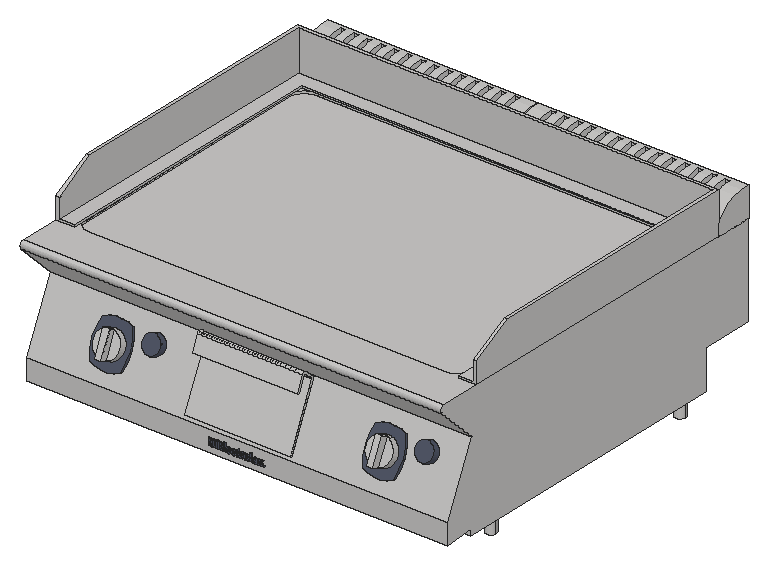
Revit family "QF_ELECTROLUXPROFESSIONAL_371409_E7IIDTAOMEI", category Attrezzature speciali, Revit 2018 (continued)
Automatic sketch dimensions
  Extrusion 19 sketch curve to Extrusion 19 sketch curve = 0.643 mm
  Extrusion 19 sketch curve to Extrusion 19 sketch curve = 0.916 mm
  Extrusion 19 sketch curve to Extrusion 19 sketch curve = 0.352 mm
  Extrusion 19 sketch curve to Extrusion 19 sketch curve = 0.458 mm
  Extrusion 19 sketch curve to Extrusion 19 sketch curve = 1.282 mm
  Extrusion 19 sketch curve to Extrusion 19 sketch curve = 1.363 mm
  Extrusion 19 sketch curve to Extrusion 19 sketch curve = 0.685 mm
  Extrusion 19 sketch curve to Extrusion 19 sketch curve = 0.905 mm
  Extrusion 19 sketch curve to Extrusion 19 sketch curve = 2.865 mm
  Extrusion 19 sketch curve to Extrusion 19 sketch curve = 0.472 mm
  Extrusion 19 sketch curve to Extrusion 19 sketch curve = 0.101 mm
  Extrusion 19 sketch curve to Extrusion 19 sketch curve = 0.54 mm
  Extrusion 19 sketch curve to Extrusion 19 sketch curve = 0.02 mm
  Extrusion 19 sketch curve to Extrusion 19 sketch curve = 0.468 mm
  Extrusion 19 sketch curve to Extrusion 19 sketch curve = 0.829 mm
  Extrusion 19 sketch curve to Extrusion 19 sketch curve = 0.582 mm
  Extrusion 19 sketch curve to Extrusion 19 sketch curve = 0.166 mm
  Extrusion 19 sketch curve to Extrusion 19 sketch curve = 0.16 mm
  Extrusion 19 sketch curve to Extrusion 19 sketch curve = 2.781 mm
  Extrusion 19 sketch curve to Extrusion 19 sketch curve = 1.118 mm
  Extrusion 19 sketch curve to Extrusion 19 sketch curve = 0.613 mm
  Extrusion 19 sketch curve to Extrusion 19 sketch curve = 0.361 mm
  Extrusion 19 sketch curve to Extrusion 19 sketch curve = 0.897 mm
  Extrusion 19 sketch curve to Extrusion 19 sketch curve = 0.167 mm
  Extrusion 19 sketch curve to Extrusion 19 sketch curve = 0.292 mm
  Extrusion 19 sketch curve to Extrusion 19 sketch curve = 0.305 mm
  Extrusion 19 sketch curve to Extrusion 19 sketch curve = 1.557 mm
  Extrusion 19 sketch curve to Extrusion 19 sketch curve = 2.499 mm
  Extrusion 19 sketch curve to Extrusion 19 sketch curve = 3.062 mm
  Extrusion 19 sketch curve to Extrusion 19 sketch curve = 2.968 mm
  Extrusion 19 sketch curve to Extrusion 19 sketch curve = 5.044 mm
  Extrusion 19 sketch curve to Extrusion 19 sketch curve = 0.629 mm  (x2)
  Extrusion 19 sketch curve to Extrusion 19 sketch curve = 1.131 mm
  Extrusion 19 sketch curve to Extrusion 19 sketch curve = 0.137 mm
  Extrusion 19 sketch curve to Extrusion 19 sketch curve = 0.027 mm
  Extrusion 19 sketch curve to Extrusion 19 sketch curve = 2.235 mm
  plane 1 "BACK" to curve 5 = 0 mm
  curve 14 to curve 16 = 57.786 mm
  curve 12 to curve 10 = 35.035 mm
  plane 1 "BACK" to curve 83 = 0 mm
  curve 83 to plane 7 "Center Y" = 0 mm
  curve 69 to plane 7 "Center Y" = 106.168 mm
  plane 1 "BACK" to curve 67 = 6.761 mm
  curve 68 to curve 69 = 9.296 mm
  plane 1 "BACK" to curve 63 = 6.761 mm
  curve 63 to curve 67 = 16.193 mm
  curve 65 to curve 65 = 9.296 mm
  curve 61 to curve 64 = 16.193 mm
  curve 60 to curve 59 = 9.296 mm
  plane 1 "BACK" to curve 55 = 6.761 mm
  curve 55 to curve 59 = 16.193 mm
  curve 55 to curve 55 = 9.296 mm
  curve 54 to curve 56 = 16.193 mm
  curve 52 to curve 51 = 9.296 mm
  curve 50 to curve 51 = 16.193 mm
  curve 49 to curve 49 = 9.296 mm
  plane 1 "BACK" to curve 43 = 6.761 mm
  curve 43 to curve 47 = 16.193 mm
  curve 44 to curve 45 = 9.296 mm
  curve 41 to curve 44 = 16.193 mm
  curve 41 to curve 41 = 9.296 mm
  plane 1 "BACK" to curve 35 = 6.761 mm
  curve 37 to curve 40 = 16.193 mm
  curve 36 to curve 37 = 9.296 mm
  plane 1 "BACK" to curve 34 = 6.761 mm
  curve 34 to curve 35 = 16.193 mm
  curve 33 to curve 33 = 9.296 mm
  plane 1 "BACK" to curve 27 = 6.761 mm
  curve 27 to curve 31 = 16.193 mm
  curve 27 to curve 27 = 9.296 mm
  curve 69 to curve 73 = 16.193 mm
  curve 71 to curve 74 = 9.296 mm
  plane 1 "BACK" to curve 75 = 6.761 mm
  curve 73 to curve 77 = 16.193 mm
  curve 76 to curve 78 = 9.296 mm
  curve 77 to curve 80 = 16.193 mm
  curve 79 to curve 82 = 9.296 mm
  plane 1 "BACK" to curve 136 = 6.761 mm
  plane 7 "Center Y" to curve 136 = 29.703 mm
  curve 136 to curve 136 = 9.296 mm
  curve 137 to curve 134 = 16.193 mm
  curve 132 to curve 132 = 9.296 mm
  plane 1 "BACK" to curve 128 = 6.761 mm
  curve 132 to curve 128 = 16.193 mm
  curve 128 to curve 128 = 9.296 mm
  curve 129 to curve 127 = 16.193 mm
  curve 124 to curve 125 = 9.296 mm
  curve 125 to curve 123 = 16.193 mm
  curve 120 to curve 121 = 9.296 mm
  curve 121 to curve 118 = 16.193 mm
  curve 116 to curve 117 = 9.296 mm
  curve 117 to curve 114 = 16.193 mm
  plane 1 "BACK" to curve 112 = 6.761 mm
  curve 112 to curve 113 = 9.296 mm
  plane 1 "BACK" to curve 108 = 6.761 mm
  curve 113 to curve 110 = 16.193 mm
  curve 108 to curve 109 = 9.296 mm
  curve 109 to curve 107 = 16.193 mm
  curve 104 to curve 105 = 9.296 mm
  curve 105 to curve 102 = 16.193 mm
  curve 100 to curve 101 = 9.296 mm
  plane 1 "BACK" to curve 96 = 6.761 mm
  curve 100 to curve 96 = 16.193 mm
  curve 96 to curve 97 = 9.296 mm
  plane 1 "BACK" to curve 95 = 6.761 mm
  curve 96 to curve 95 = 16.193 mm
  curve 94 to curve 93 = 9.296 mm
  plane 1 "BACK" to curve 91 = 6.761 mm
  curve 92 to curve 91 = 16.193 mm
  curve 88 to curve 89 = 9.296 mm
  curve 89 to curve 87 = 16.193 mm
  curve 86 to curve 86 = 9.296 mm
  curve 83 to curve 136 = 63.089 mm
  curve 83 to curve 138 = 5.939 mm
  curve 28 to curve 27 = 57.15 mm
  curve 137 to curve 135 = 0 mm
  curve 29 to curve 32 = 0 mm
  curve 133 to curve 131 = 0 mm
  curve 33 to curve 36 = 0 mm
  curve 129 to curve 127 = 0 mm
  curve 37 to curve 40 = 0 mm
  curve 125 to curve 123 = 0 mm
  curve 41 to curve 44 = 0 mm
  curve 121 to curve 119 = 0 mm
  curve 45 to curve 48 = 0 mm
  curve 117 to curve 115 = 0 mm
  curve 49 to curve 52 = 0 mm
  curve 113 to curve 111 = 0 mm
  curve 53 to curve 56 = 0 mm
  curve 109 to curve 107 = 0 mm
  curve 57 to curve 60 = 0 mm
  curve 105 to curve 103 = 0 mm
  curve 61 to curve 64 = 0 mm
  curve 101 to curve 99 = 0 mm
  curve 65 to curve 68 = 0 mm
  curve 97 to curve 95 = 0 mm
  curve 69 to curve 72 = 0 mm
  curve 93 to curve 91 = 0 mm
  curve 73 to curve 76 = 0 mm
  curve 89 to curve 87 = 0 mm
  curve 77 to curve 80 = 0 mm
  plane 1 "BACK" to curve 54 = 6.761 mm
  plane 1 "BACK" to curve 84 = 6.761 mm
  plane 1 "BACK" to curve 80 = 6.761 mm
  plane 1 "BACK" to curve 74 = 6.761 mm
  plane 1 "BACK" to curve 100 = 6.761 mm
  plane 1 "BACK" to curve 104 = 6.761 mm
  plane 1 "BACK" to curve 60 = 6.761 mm
  plane 1 "BACK" to curve 116 = 6.761 mm
  plane 1 "BACK" to curve 48 = 6.761 mm
  plane 1 "BACK" to curve 120 = 6.761 mm
  plane 1 "BACK" to curve 124 = 6.761 mm
  plane 1 "BACK" to curve 40 = 6.761 mm
  plane 1 "BACK" to curve 132 = 6.761 mm
  plane 1 "BACK" to curve 24 = 0 mm
  curve 24 to plane 4 "RIGHT" = 0 mm
  curve 25 to plane 4 "RIGHT" = 0 mm
  plane 1 "BACK" to curve 26 = 0 mm
  curve 26 to plane 4 "RIGHT" = 0 mm
  curve 26 to plane 3 "LEFT" = 0 mm
  curve 25 to plane 3 "LEFT" = 0 mm
  curve 24 to plane 3 "LEFT" = 0 mm
  curve 24 to curve 25 = 69.85 mm
  Extrusion 20 sketch curve to plane 10 "TOP A" = 0 mm
  Extrusion 20 sketch curve to plane 1 "BACK" = 0 mm
  plane 1 "BACK" to Extrusion 20 sketch curve = 4.947 mm
  plane 6 "TOP" to Extrusion 20 sketch curve = 11.113 mm
  plane 1 "BACK" to Extrusion 20 sketch curve = 69.85 mm
  Extrusion 20 sketch curve to plane 10 "TOP A" = 24.807 mm
  plane 1 "BACK" to Extrusion 21 sketch curve = 6.761 mm  (x14)
  Extrusion 21 sketch curve to Extrusion 21 sketch curve = 57.15 mm
  Extrusion 21 sketch curve to Extrusion 21 sketch curve = 0 mm  (x13)
  plane 3 "LEFT" to Extrusion 21 sketch curve = 29.703 mm
  Extrusion 21 sketch curve to Extrusion 21 sketch curve = 9.296 mm  (x14)
  Extrusion 21 sketch curve to Extrusion 21 sketch curve = 16.193 mm  (x13)
  Extrusion 22 sketch curve to plane 10 "TOP A" = 0 mm
  Extrusion 22 sketch curve to plane 1 "BACK" = 0 mm
  plane 1 "BACK" to Extrusion 22 sketch curve = 4.947 mm
  plane 6 "TOP" to Extrusion 22 sketch curve = 11.113 mm
  plane 1 "BACK" to Extrusion 22 sketch curve = 69.85 mm
  Extrusion 22 sketch curve to plane 10 "TOP A" = 24.807 mm
  plane 1 "BACK" to Extrusion 23 sketch curve = 6.761 mm  (x14)
  Extrusion 23 sketch curve to Extrusion 23 sketch curve = 57.15 mm
  Extrusion 23 sketch curve to Extrusion 23 sketch curve = 0 mm  (x13)
  plane 7 "Center Y" to Extrusion 23 sketch curve = 29.703 mm
  Extrusion 23 sketch curve to Extrusion 23 sketch curve = 9.296 mm  (x14)
  Extrusion 23 sketch curve to Extrusion 23 sketch curve = 16.193 mm  (x13)
  radius of Extrusion 3 sketch curve = 9.525 mm  (x4)
  radius of Extrusion 4 sketch curve = 6.35 mm
  radius of Extrusion 12 sketch curve = 25.4 mm
  radius of Extrusion 13 sketch curve to Extrusion 12 = 0 mm  (x2)
  radius of Extrusion 15 sketch curve = 25.4 mm
  radius of Extrusion 16 sketch curve to Extrusion 15 = 0 mm  (x2)
  radius of Extrusion 17 sketch curve = 17.78 mm
  radius of Extrusion 18 sketch curve = 17.78 mm
Connectors
  piping at (749.3, -98.425, 57.718), diameter 12.7, driven by "Gas Size"
    settings: on Extrusion 4, index 1, connector inside diameter 0.50394", connector length 0 mm, flow factor 0, pipe flow 0 GPM, pressure drop 0.00 psi, fitting loss kfactor 0, connector angle 0.00°, fixture units 0, engagement length 0 mm, angle of deflection 0.00°, flow configuration 1, flow direction 1, fitting loss method 0, system type 7, joint type 0, gender type 0, connector reference index -1, connector utility 0, adjustable connector no, is connector primary yes, connector description "Gas Connection"
Types (2, lengths in mm): name | URL | Modello | Produttore | Gas Size | Descrizione
  (no name) | "www.electrolux.com/foodservice" | "371038" | "ELECTROLUX" | 0" | "700XP Full Module Gas Fry Top, Smotth Plate, Chromium Plated"
  Standard | "https://www.electroluxprofessional.com/" | "E7IIDTAOMEI" | "Electrolux Professional" | 1/2" | "GAS FRY TOP-SMOOTH POLISHED CHROME PLATE 800MM - QMARK"
